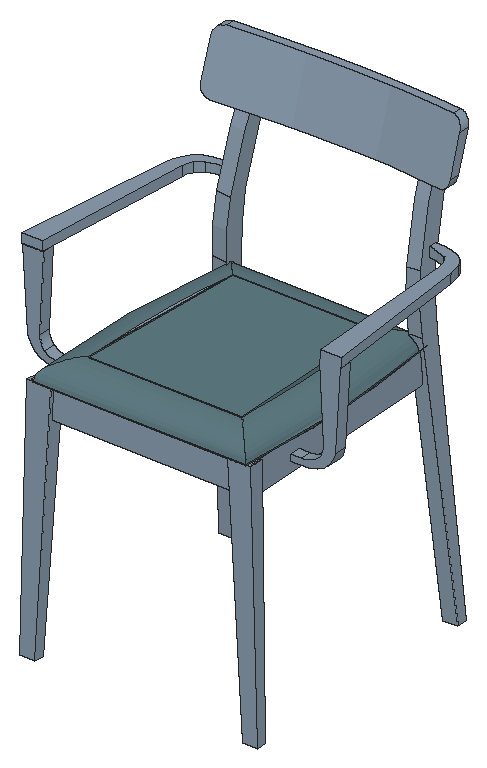
Revit family "FU_Chair_Sandler_Inga 2-1", category Furniture, Revit 2020
Family settings
  OmniClass Number = 23.40.20.00
  OmniClass Title = General Furniture and Specialties
  Work Plane-Based = No
  Always vertical = Yes
  Cut with Voids When Loaded = No
  Shared = No
  Room Calculation Point = No
Parameters (values of type "Inga 2.1")
  Width = 465 mm
  URL = "https://www.sandlerseating.com/product/inga-2-1/"
  Seat = Fabric - Mainline Flax - Pimlico MLF34
  Model = "Inga 2.1"
  Manufacturer = "Sandler"
  Height = 850 mm
  Frame = Wood -  Aniline - Light Blue
  Description = "Stackable armchair with an upholstered seat and wooden back, on a solid beech frame."
  Depth = 505 mm
  Default Elevation = 0 mm
Reference planes
  plane 1 "Center (Front/Back)": y = 0
  plane 2: z = 0
  plane 3 "Center (Left/Right)": x = 0
  plane 4 "Right": x = -232.5
  plane 5 "Left": x = 232.5
  plane 6 "Back": y = 252.5
  plane 7 "Front": y = -252.5
  plane 8 "Height": z = 850
  plane 9 "Seat height": z = 480
  plane 10 "BR L Angle Front": through (-170.406, -1524, 798.107) normal (0.9986, 0, -0.0525)
  plane 11 "Frame Height": z = 464.829
  plane 12: x = -297.5
  plane 13: x = 297.5
  plane 14 "Arm Height": z = 634.249
  plane 15 "arm front": y = -152.936
Forms (mm)
  Extrusion 1, solid, material "Wood -  Aniline - Light Blue" <- "Frame"
    sketch origin (-211.773, 0, 11.254) x (0.052501, 0, 0.998621) y (0, -1, 0)
      loop
        line (-11.17, -211.485) -> (-11.17, -231.113) -> (480.792, -196.712)
        arc (480.792, -196.712) -> (535.769, -194.943) -> (590.586, -199.497) r 478.313
        arc (590.586, -199.497) -> (681.592, -217.224) -> (770.268, -244.297) r 892.578
        arc (770.268, -244.297) -> (782.45, -242.471) -> (787.563, -231.264) r 12.917
        arc (787.563, -231.264) -> (691.299, -191.886) -> (590.509, -166.224) r 748.904
        arc (590.509, -166.224) -> (535.595, -160.79) -> (480.526, -164.305) r 340.245
        line (480.526, -164.305) -> (-11.17, -211.485)
    from -9.615 to 16.927
  Extrusion 2, solid, material "Wood -  Aniline - Light Blue" <- "Frame"
    sketch origin (211.773, 0, 11.254) x (-0.052501, 0, 0.998621) y (0, 1, 0)
      loop
        line (-11.17, 211.485) -> (480.526, 164.305)
        arc (480.526, 164.305) -> (535.595, 160.79) -> (590.509, 166.224) r 340.245
        arc (590.509, 166.224) -> (691.299, 191.886) -> (787.563, 231.264) r 748.904
        arc (787.563, 231.264) -> (782.45, 242.471) -> (770.268, 244.297) r 12.917
        arc (770.268, 244.297) -> (681.592, 217.224) -> (590.586, 199.497) r 892.578
        arc (590.586, 199.497) -> (535.769, 194.943) -> (480.792, 196.712) r 478.313
        line (480.792, 196.712) -> (-11.17, 231.113) -> (-11.17, 211.485)
    from -9.615 to 16.927
  Blend 3, solid, material "Wood -  Aniline - Light Blue" <- "Frame"
    base sketch origin (0, 0, 0) x (1, 0, 0) y (0, 1, 0)
      loop
        line (-222.143, -252.5) -> (-194.143, -252.5) -> (-192.581, -235) -> (-220.581, -235) -> (-222.143, -252.5)
    top sketch origin (0, 0, 0) x (1, 0, 0) y (0, 1, 0)
      loop
        line (-208.793, -252.5) -> (-165.202, -252.5) -> (-163.672, -225.762) -> (-207.263, -225.762) -> (-208.793, -252.5)
    from 0 to 464.829
  Blend 4, solid, material "Wood -  Aniline - Light Blue" <- "Frame"
    base sketch origin (0, 0, 0) x (-1, 0, 0) y (0, -1, 0)
      loop
        line (-222.143, 252.5) -> (-220.581, 235) -> (-192.581, 235) -> (-194.143, 252.5) -> (-222.143, 252.5)
    top sketch origin (0, 0, 0) x (-1, 0, 0) y (0, -1, 0)
      loop
        line (-208.793, 252.5) -> (-207.263, 225.762) -> (-163.672, 225.762) -> (-165.202, 252.5) -> (-208.793, 252.5)
    from 0 to 464.829
  Extrusion 5, solid, material "Wood -  Aniline - Light Blue" <- "Frame"
    sketch origin (0, 0, 464.829) x (-1, 0, 0) y (0, -1, 0)
      loop
        line (205.371, 246.484) -> (-205.371, 246.484) -> (-187.14, -189.895) -> (187.14, -189.895) -> (205.371, 246.484)
      loop
        line (-187.207, 232.22) -> (-170.168, -175.631) -> (170.168, -175.631) -> (187.207, 232.22) -> (-187.207, 232.22)
    from -56.316 to 0
  Sweep 6, solid, material "Wood -  Aniline - Light Blue" <- "Frame"
    path origin (0, 0, 0) x (0, 1, 0) y (0, 0, 1)
      loop
        line (215.898, 721.402) -> (256.979, 850)
    profile "Pro_Inga_Back : Pro_Inga_Back" origin (0, 236.438, 785.701) x (0, -0.952575, 0.304305) y (1, 0, 0)
      loop
        arc (30.116, 241.175) -> (0, -0.038) -> (30.717, -241.175) r 971.366
        line (30.717, -241.175) -> (45.91, -241.175)
        arc (45.91, -241.175) -> (14.46, 0.005) -> (45.984, 241.175) r 939.367
        line (45.984, 241.175) -> (30.116, 241.175)
  Extrusion 7, void
    sketch origin (0, 0, 0) x (1, 0, 0) y (0, 0, 1)
      loop
        arc (210.726, 850.67) -> (-0.03, 841.01) -> (-210.837, 849.498) r 2452.694
        arc (-210.837, 849.498) -> (-226.041, 844.286) -> (-232.5, 829.568) r 20
        line (-232.5, 829.568) -> (-232.5, 759.709)
        arc (-232.5, 759.709) -> (-227.228, 746.178) -> (-214.191, 739.78) r 20
        arc (-214.191, 739.78) -> (0.083, 731.011) -> (214.303, 740.992) r 2452.694
        arc (214.303, 740.992) -> (227.266, 747.421) -> (232.5, 760.91) r 20
        line (232.5, 760.91) -> (232.5, 830.749)
        arc (232.5, 830.749) -> (226, 845.505) -> (210.726, 850.67) r 20
      loop
        line (-261.767, 883.137) -> (-261.767, 708.137) -> (258.233, 708.137) -> (258.233, 883.137) -> (-261.767, 883.137)
    from -262.214 to -161.753
  Extrusion 8, solid, material "Wood -  Aniline - Light Blue" <- "Frame"
    sketch origin (0, 0, 634.249) x (-1, 0, 0) y (0, -1, 0)
      loop
        line (-258.681, 152.936) -> (-297.5, 152.936) -> (-265.625, -141.257)
        arc (-265.625, -141.257) -> (-263.246, -154.622) -> (-259.071, -167.539) r 99.55
        arc (-259.071, -167.539) -> (-250.025, -181.605) -> (-236.394, -191.295) r 44.127
        arc (-236.394, -191.295) -> (-213.584, -198.742) -> (-189.69, -200.946) r 107.561
        line (-189.69, -200.946) -> (-189.69, -185.85)
        arc (-189.69, -185.85) -> (-206.459, -183.339) -> (-222.442, -177.679) r 88.584
        arc (-222.442, -177.679) -> (-229.589, -172.891) -> (-234.947, -166.161) r 28.023
        arc (-234.947, -166.161) -> (-238.414, -156.757) -> (-240.003, -146.862) r 51.741
        line (-240.003, -146.862) -> (-258.681, 152.936)
    from -17 to 0
  Extrusion 9, solid, material "Wood -  Aniline - Light Blue" <- "Frame"
    sketch origin (0, -152.936, 0) x (-1, 0, 0) y (0, 0, 1)
      loop
        line (-257.647, 617.249) -> (-296.362, 617.249) -> (-286.988, 471.434)
        arc (-286.988, 471.434) -> (-280.3, 453.798) -> (-266.83, 440.597) r 43.897
        arc (-266.83, 440.597) -> (-244.849, 431.096) -> (-221.038, 428.553) r 79.704
        line (-221.038, 428.553) -> (-194.967, 428.553) -> (-194.967, 440.864) -> (-221.579, 440.864)
        arc (-221.579, 440.864) -> (-239.316, 443.436) -> (-254.871, 452.338) r 47.974
        arc (-254.871, 452.338) -> (-262.677, 462.948) -> (-264.994, 475.914) r 29.042
        line (-264.994, 475.914) -> (-257.647, 617.249)
    from 0 to 21.041
  Extrusion 10, solid, material "Wood -  Aniline - Light Blue" <- "Frame"
    sketch origin (0, 0, 634.249) x (1, 0, 0) y (0, 1, 0)
      loop
        line (-258.681, -152.936) -> (-240.003, 146.862)
        arc (-240.003, 146.862) -> (-238.414, 156.757) -> (-234.947, 166.161) r 51.741
        arc (-234.947, 166.161) -> (-229.589, 172.891) -> (-222.442, 177.679) r 28.023
        arc (-222.442, 177.679) -> (-206.459, 183.339) -> (-189.69, 185.85) r 88.584
        line (-189.69, 185.85) -> (-189.69, 200.946)
        arc (-189.69, 200.946) -> (-213.584, 198.742) -> (-236.394, 191.295) r 107.561
        arc (-236.394, 191.295) -> (-250.025, 181.605) -> (-259.071, 167.539) r 44.127
        arc (-259.071, 167.539) -> (-263.246, 154.622) -> (-265.625, 141.257) r 99.55
        line (-265.625, 141.257) -> (-297.5, -152.936) -> (-258.681, -152.936)
    from -17 to 0
  Extrusion 11, solid, material "Wood -  Aniline - Light Blue" <- "Frame"
    sketch origin (0, -152.936, 0) x (1, 0, 0) y (0, 0, -1)
      loop
        line (-257.647, -617.249) -> (-264.994, -475.914)
        arc (-264.994, -475.914) -> (-262.677, -462.948) -> (-254.871, -452.338) r 29.042
        arc (-254.871, -452.338) -> (-239.316, -443.436) -> (-221.579, -440.864) r 47.974
        line (-221.579, -440.864) -> (-194.967, -440.864) -> (-194.967, -428.553) -> (-221.038, -428.553)
        arc (-221.038, -428.553) -> (-244.849, -431.096) -> (-266.83, -440.597) r 79.704
        arc (-266.83, -440.597) -> (-280.3, -453.798) -> (-286.988, -471.434) r 43.897
        line (-286.988, -471.434) -> (-296.362, -617.249) -> (-257.647, -617.249)
    from 0 to 21.041
  Extrusion 12, solid, material "Fabric - Mainline Flax - Pimlico MLF34" <- "Seat"
    sketch origin (0.13, -0.111, 462.638) x (-1, 0, 0) y (0, -1, 0)
      loop
        line (143.159, 192.5) -> (-143.159, 192.5)
        arc (-143.159, 192.5) -> (-144.86, 31.03) -> (-131.489, -129.895) r 1729.054
        line (-131.489, -129.895) -> (131.489, -129.895)
        arc (131.489, -129.895) -> (144.86, 31.03) -> (143.159, 192.5) r 1729.054
    from 0 to 36
  Sweep 13, solid, material "Fabric - Mainline Flax - Pimlico MLF34" <- "Seat"
    path in 3D
      loop
        arc (143.29, -192.611, 498.638) -> (144.99, -31.141, 498.638) -> (131.62, 129.783, 498.638) r 1729.054
        line (131.62, 129.783, 498.638) -> (-131.359, 129.783, 498.638)
        arc (-131.359, 129.783, 498.638) -> (-144.73, -31.141, 498.638) -> (-143.029, -192.611, 498.638) r 1729.054
        line (-143.029, -192.611, 498.638) -> (143.29, -192.611, 498.638)
    profile "Pro_Inga_Seat_Edge : Pro_Inga_Seat_Edge" origin (0.13, -192.611, 498.638) x (0, 1, 0) y (0, 0, 1)
      loop
        spline (0, 0) -> (-7.53, -0.285) -> (-14.94, -1.134) -> (-22.115, -2.534) -> (-28.939, -4.464) -> (-35.306, -6.892) -> (-41.115, -9.781) -> (-46.274, -13.084) -> (-50.701, -16.75) -> (-54.327, -20.719) -> (-57.093, -24.931) -> (-58.957, -29.317) -> (-59.889, -33.809)
        arc (-59.889, -33.809) -> (-58.813, -35.39) -> (-57, -36) r 3
        line (-57, -36) -> (0, -36) -> (0, 0)
Cuts and joins
  Extrusion 7 cuts Sweep 6
  joined: Extrusion 8, Extrusion 9
Lines and regions (mm)
  sketch lines
    curve 1: line (-143.029, -192.611, 498.638) -> (143.29, -192.611, 498.638)
    curve 2: arc (131.62, 129.783, 498.638) -> (144.99, -31.141, 498.638) -> (143.29, -192.611, 498.638) r 1729.054
    curve 3: line (131.62, 129.783, 498.638) -> (-131.359, 129.783, 498.638)
    curve 4: arc (-143.029, -192.611, 498.638) -> (-144.73, -31.141, 498.638) -> (-131.359, 129.783, 498.638) r 1729.054
Dimensions and locks
  equal spacing: plane 4 "Right", plane 3 "Center (Left/Right)", plane 5 "Left"
  "Width": plane 4 "Right" to plane 5 "Left"
  equal spacing: plane 6 "Back", plane 1 "Center (Front/Back)", plane 7 "Front"
  "Depth": plane 6 "Back" to plane 7 "Front"
  "Height": plane 8 "Height" to level
  plane 9 "Seat height" to level = 480 mm
  equal spacing: plane 12, plane 3 "Center (Left/Right)", plane 13
  plane 12 to plane 13 = 595 mm
  plane 14 "Arm Height" to level = 634.249 mm
  aligned and locked: level to plane 2
  aligned and locked: plane 11 "Frame Height" to Extrusion 5
Automatic sketch dimensions
  Extrusion 1 sketch curve to plane 6 "Back" = 41.015 mm
  Extrusion 1 sketch curve to Extrusion 1 sketch curve = 467.74 mm
  Extrusion 1 sketch curve to Extrusion 1 sketch curve = 9.088 mm
  Extrusion 1 sketch curve to plane 6 "Back" = 88.195 mm
  Extrusion 1 sketch curve to Extrusion 1 sketch curve = 491.695 mm
  Extrusion 1 sketch curve to plane 6 "Back" = 55.788 mm
  Extrusion 1 sketch curve to Extrusion 1 sketch curve = 0.267 mm
  Extrusion 1 sketch curve to Extrusion 1 sketch curve = 67.07 mm
  Extrusion 1 sketch curve to Extrusion 1 sketch curve = 6.017 mm
  Extrusion 1 sketch curve to plane 6 "Back" = 20.345 mm
  Extrusion 1 sketch curve to Extrusion 1 sketch curve = 293.884 mm
  plane 6 "Back" to Extrusion 1 sketch curve = 248.484 mm
  Extrusion 1 sketch curve to Extrusion 1 sketch curve = 172.118 mm
  Extrusion 1 sketch curve to Extrusion 1 sketch curve = 229.952 mm
  Extrusion 1 sketch curve to Extrusion 1 sketch curve = 180.235 mm
  Extrusion 1 sketch curve to Extrusion 1 sketch curve = 19.628 mm
  Extrusion 1 sketch curve to Extrusion 1 sketch curve = 0 mm  (x3)
  Extrusion 2 sketch curve to plane 6 "Back" = 41.015 mm
  Extrusion 2 sketch curve to Extrusion 2 sketch curve = 467.74 mm
  Extrusion 2 sketch curve to Extrusion 2 sketch curve = 9.088 mm
  Extrusion 2 sketch curve to plane 6 "Back" = 88.195 mm
  Extrusion 2 sketch curve to Extrusion 2 sketch curve = 491.695 mm
  Extrusion 2 sketch curve to plane 6 "Back" = 55.788 mm
  Extrusion 2 sketch curve to Extrusion 2 sketch curve = 0.267 mm
  Extrusion 2 sketch curve to Extrusion 2 sketch curve = 67.07 mm
  Extrusion 2 sketch curve to Extrusion 2 sketch curve = 6.017 mm
  Extrusion 2 sketch curve to plane 6 "Back" = 20.345 mm
  Extrusion 2 sketch curve to Extrusion 2 sketch curve = 293.884 mm
  Extrusion 2 sketch curve to Extrusion 2 sketch curve = 19.628 mm
  plane 6 "Back" to Extrusion 2 sketch curve = 248.484 mm
  Extrusion 2 sketch curve to Extrusion 2 sketch curve = 172.118 mm
  Extrusion 2 sketch curve to Extrusion 2 sketch curve = 229.952 mm
  Extrusion 2 sketch curve to Extrusion 2 sketch curve = 180.235 mm
  Extrusion 2 sketch curve to Extrusion 2 sketch curve = 0 mm  (x3)
  Blend 3 sketch curve to plane 7 "Front" = 0 mm  (x2)
  Blend 3 sketch curve to plane 4 "Right" = 10.357 mm
  Blend 3 sketch curve to plane 4 "Right" = 11.919 mm
  Blend 3 sketch curve to Blend 3 sketch curve = 28 mm
  plane 7 "Front" to Blend 3 sketch curve = 17.5 mm
  Blend 3 sketch curve to Blend 3 sketch curve = 1.563 mm
  Blend 3 sketch curve to plane 4 "Right" = 23.707 mm
  Blend 3 sketch curve to plane 4 "Right" = 25.237 mm
  Blend 3 sketch curve to Blend 3 sketch curve = 43.591 mm
  plane 7 "Front" to Blend 3 sketch curve = 26.738 mm
  Blend 3 sketch curve to Blend 3 sketch curve = 1.53 mm
  Blend 4 sketch curve to plane 7 "Front" = 0 mm  (x2)
  Blend 4 sketch curve to plane 5 "Left" = 10.357 mm
  Blend 4 sketch curve to plane 5 "Left" = 11.919 mm
  Blend 4 sketch curve to Blend 4 sketch curve = 28 mm
  Blend 4 sketch curve to plane 7 "Front" = 17.5 mm
  Blend 4 sketch curve to Blend 4 sketch curve = 1.563 mm
  Blend 4 sketch curve to plane 5 "Left" = 23.707 mm
  Blend 4 sketch curve to plane 5 "Left" = 25.237 mm
  Blend 4 sketch curve to Blend 4 sketch curve = 43.591 mm
  Blend 4 sketch curve to plane 7 "Front" = 26.738 mm
  Blend 4 sketch curve to Blend 4 sketch curve = 1.53 mm
  plane 7 "Front" to Extrusion 5 sketch curve = 6.016 mm
  plane 5 "Left" to Extrusion 5 sketch curve = 27.129 mm
  plane 7 "Front" to Extrusion 5 sketch curve = 20.28 mm
  Extrusion 5 sketch curve to Extrusion 5 sketch curve = 18.164 mm  (x2)
  plane 5 "Left" to Extrusion 5 sketch curve = 45.36 mm
  Extrusion 5 sketch curve to Extrusion 5 sketch curve = 16.972 mm  (x2)
  Extrusion 5 sketch curve to plane 4 "Right" = 62.332 mm
  Extrusion 5 sketch curve to plane 4 "Right" = 45.293 mm
  Extrusion 5 sketch curve to plane 6 "Back" = 76.869 mm
  Extrusion 5 sketch curve to Extrusion 5 sketch curve = 14.264 mm
  Sweep 6 sketch curve to plane 8 "Height" = 0 mm
  Sweep 6 sketch curve to plane 6 "Back" = 36.602 mm
  plane 6 "Back" to Sweep 6 sketch curve = 4.479 mm
  plane 14 "Arm Height" to Sweep 6 sketch curve = 87.154 mm
  plane 4 "Right" to Extrusion 7 sketch curve = 0 mm
  plane 5 "Left" to Extrusion 7 sketch curve = 0 mm
  plane 4 "Right" to Extrusion 7 sketch curve = 29.267 mm
  Extrusion 7 sketch curve to plane 4 "Right" = 20 mm  (x2)
  Extrusion 7 sketch curve to plane 3 "Center (Left/Right)" = 6.849 mm  (x2)
  Extrusion 7 sketch curve to Extrusion 7 sketch curve = 20 mm  (x2)
  Extrusion 7 sketch curve to plane 5 "Left" = 25.733 mm
  plane 14 "Arm Height" to Extrusion 7 sketch curve = 73.888 mm
  Extrusion 7 sketch curve to Extrusion 7 sketch curve = 51.572 mm
  Extrusion 7 sketch curve to Extrusion 7 sketch curve = 52.773 mm
  Extrusion 7 sketch curve to plane 8 "Height" = 20.432 mm
  Extrusion 7 sketch curve to plane 8 "Height" = 19.251 mm
  plane 8 "Height" to Extrusion 7 sketch curve = 33.137 mm
  Extrusion 7 sketch curve to Extrusion 7 sketch curve = 2300.558 mm
  Extrusion 7 sketch curve to Extrusion 7 sketch curve = 110 mm
  Extrusion 7 sketch curve to Extrusion 7 sketch curve = 0 mm  (x2)
  Extrusion 8 sketch curve to plane 13 = 0 mm
  Extrusion 8 sketch curve to plane 15 "arm front" = 0 mm
  plane 13 to Extrusion 8 sketch curve = 31.875 mm
  Extrusion 8 sketch curve to plane 5 "Left" = 26.181 mm
  Extrusion 8 sketch curve to plane 5 "Left" = 7.503 mm
  plane 5 "Left" to Extrusion 8 sketch curve = 14.394 mm
  Extrusion 8 sketch curve to Extrusion 8 sketch curve = 7.503 mm
  plane 5 "Left" to Extrusion 8 sketch curve = 40.684 mm
  plane 5 "Left" to Extrusion 8 sketch curve = 42.81 mm
  Extrusion 8 sketch curve to Extrusion 8 sketch curve = 22.241 mm
  Extrusion 8 sketch curve to Extrusion 8 sketch curve = 6.8 mm
  Extrusion 8 sketch curve to Extrusion 8 sketch curve = 21.708 mm
  Extrusion 8 sketch curve to plane 1 "Center (Front/Back)" = 93.406 mm
  Extrusion 8 sketch curve to Extrusion 8 sketch curve = 3.983 mm
  Extrusion 8 sketch curve to Extrusion 8 sketch curve = 33.145 mm
  Extrusion 8 sketch curve to Extrusion 8 sketch curve = 47.851 mm
  Extrusion 8 sketch curve to Extrusion 8 sketch curve = 13.11 mm
  Extrusion 8 sketch curve to Extrusion 8 sketch curve = 5.604 mm
  Extrusion 8 sketch curve to Extrusion 8 sketch curve = 4.275 mm
  Extrusion 8 sketch curve to Extrusion 8 sketch curve = 1.143 mm
  Extrusion 8 sketch curve to Extrusion 8 sketch curve = 33.571 mm
  Extrusion 8 sketch curve to Extrusion 8 sketch curve = 15.096 mm
  Extrusion 8 sketch curve to Extrusion 8 sketch curve = 0 mm
  Extrusion 8 sketch curve to plane 5 "Left" = 2.447 mm
  plane 13 to Extrusion 9 sketch curve = 1.138 mm
  plane 13 to Extrusion 9 sketch curve = 10.512 mm
  Extrusion 9 sketch curve to plane 9 "Seat height" = 4.086 mm
  Extrusion 9 sketch curve to Extrusion 9 sketch curve = 21.994 mm
  Extrusion 9 sketch curve to plane 5 "Left" = 25.147 mm
  Extrusion 9 sketch curve to plane 9 "Seat height" = 2.183 mm
  Extrusion 9 sketch curve to plane 5 "Left" = 11.058 mm
  Extrusion 9 sketch curve to plane 5 "Left" = 3.491 mm
  plane 5 "Left" to Extrusion 9 sketch curve = 7.925 mm
  plane 5 "Left" to Extrusion 9 sketch curve = 8.816 mm
  plane 5 "Left" to Extrusion 9 sketch curve = 10.921 mm
  plane 5 "Left" to Extrusion 9 sketch curve = 11.462 mm
  Extrusion 9 sketch curve to Extrusion 9 sketch curve = 26.071 mm
  Extrusion 9 sketch curve to plane 9 "Seat height" = 5.594 mm
  plane 11 "Frame Height" to Extrusion 9 sketch curve = 6.605 mm
  Extrusion 9 sketch curve to plane 11 "Frame Height" = 23.965 mm
  Extrusion 9 sketch curve to Extrusion 9 sketch curve = 12.311 mm
  plane 9 "Seat height" to Extrusion 9 sketch curve = 8.792 mm
  Extrusion 9 sketch curve to Extrusion 9 sketch curve = 19.386 mm
  Extrusion 9 sketch curve to plane 14 "Arm Height" = 17 mm
  Extrusion 10 sketch curve to plane 12 = 0 mm
  Extrusion 10 sketch curve to plane 15 "arm front" = 0 mm
  Extrusion 10 sketch curve to plane 12 = 31.875 mm
  Extrusion 10 sketch curve to plane 4 "Right" = 26.181 mm
  Extrusion 10 sketch curve to plane 4 "Right" = 7.503 mm
  plane 4 "Right" to Extrusion 10 sketch curve = 14.394 mm
  Extrusion 10 sketch curve to Extrusion 10 sketch curve = 7.503 mm
  plane 4 "Right" to Extrusion 10 sketch curve = 40.684 mm
  plane 4 "Right" to Extrusion 10 sketch curve = 42.81 mm
  Extrusion 10 sketch curve to Extrusion 10 sketch curve = 22.241 mm
  Extrusion 10 sketch curve to Extrusion 10 sketch curve = 6.8 mm
  Extrusion 10 sketch curve to Extrusion 10 sketch curve = 21.708 mm
  plane 1 "Center (Front/Back)" to Extrusion 10 sketch curve = 93.406 mm
  Extrusion 10 sketch curve to Extrusion 10 sketch curve = 3.983 mm
  Extrusion 10 sketch curve to Extrusion 10 sketch curve = 33.145 mm
  Extrusion 10 sketch curve to Extrusion 10 sketch curve = 47.851 mm
  Extrusion 10 sketch curve to Extrusion 10 sketch curve = 13.11 mm
  Extrusion 10 sketch curve to Extrusion 10 sketch curve = 5.604 mm
  Extrusion 10 sketch curve to Extrusion 10 sketch curve = 4.275 mm
  Extrusion 10 sketch curve to Extrusion 10 sketch curve = 1.143 mm
  Extrusion 10 sketch curve to Extrusion 10 sketch curve = 33.571 mm
  Extrusion 10 sketch curve to Extrusion 10 sketch curve = 15.096 mm
  Extrusion 10 sketch curve to Extrusion 10 sketch curve = 0 mm
  Extrusion 10 sketch curve to plane 4 "Right" = 2.447 mm
  Extrusion 11 sketch curve to plane 12 = 1.138 mm
  Extrusion 11 sketch curve to plane 12 = 10.512 mm
  plane 9 "Seat height" to Extrusion 11 sketch curve = 4.086 mm
  Extrusion 11 sketch curve to Extrusion 11 sketch curve = 21.994 mm
  Extrusion 11 sketch curve to plane 4 "Right" = 25.147 mm
  plane 9 "Seat height" to Extrusion 11 sketch curve = 2.183 mm
  Extrusion 11 sketch curve to plane 4 "Right" = 11.058 mm
  Extrusion 11 sketch curve to plane 4 "Right" = 3.491 mm
  plane 4 "Right" to Extrusion 11 sketch curve = 7.925 mm
  plane 4 "Right" to Extrusion 11 sketch curve = 8.816 mm
  plane 4 "Right" to Extrusion 11 sketch curve = 10.921 mm
  plane 4 "Right" to Extrusion 11 sketch curve = 11.462 mm
  Extrusion 11 sketch curve to Extrusion 11 sketch curve = 26.071 mm
  plane 9 "Seat height" to Extrusion 11 sketch curve = 5.594 mm
  Extrusion 11 sketch curve to plane 11 "Frame Height" = 6.605 mm
  plane 11 "Frame Height" to Extrusion 11 sketch curve = 23.965 mm
  Extrusion 11 sketch curve to Extrusion 11 sketch curve = 12.311 mm
  Extrusion 11 sketch curve to plane 9 "Seat height" = 8.792 mm
  Extrusion 11 sketch curve to Extrusion 11 sketch curve = 19.386 mm
  plane 14 "Arm Height" to Extrusion 11 sketch curve = 17 mm
  plane 15 "arm front" to Extrusion 12 sketch curve = 59.248 mm  (x2)
  Extrusion 12 sketch curve to plane 13 = 1285.693 mm
  plane 5 "Left" to Extrusion 12 sketch curve = 89.21 mm
  plane 5 "Left" to Extrusion 12 sketch curve = 100.88 mm
  Extrusion 12 sketch curve to plane 4 "Right" = 101.141 mm
  Extrusion 12 sketch curve to plane 15 "arm front" = 39.675 mm
  Extrusion 12 sketch curve to plane 3 "Center (Left/Right)" = 143.029 mm
